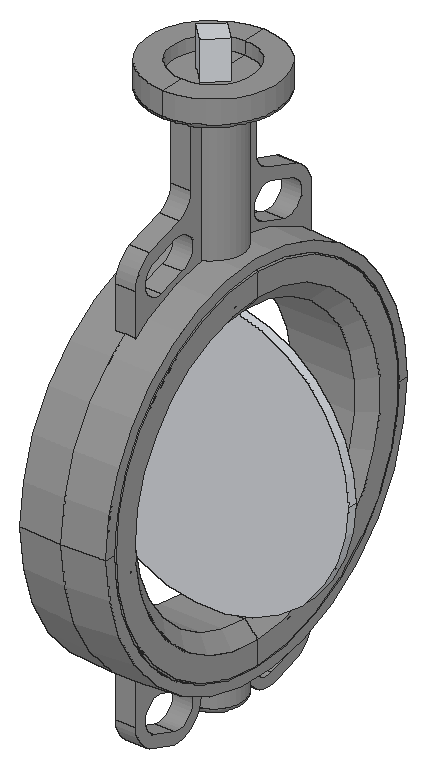
Revit family "Запорно-регулирующая заслонка ZF-4219", category Rohrzubehör, Revit 2018
Family settings
  Bemaßung runder Anschluss = Durchmesser verwenden
  Teiletyp = Unterbricht
  Arbeitsebenenbasiert = Nein
  Immer vertikal = Ja
  Beim Laden mit Abzugskörper schneiden = Nein
  Gemeinsam genutzt = Nein
Parameters
  Шпиндель = "Нержавеющая сталь ASTM-A276 / Type 316"  # constant formula
  Фланцевое соединение = "В соответствии с EN1092-2"  # constant formula
  Уплотнение корпуса = "EPDM в соответствии с ISO 1691"  # constant formula
  Среда = "Качество теплоносителя в соответствии с ÖNORM H5195 и/или предписаниями VDI 2035.\r\nРазрешается использование смеси этилен или пропиленгликоля в соотношении 25-50% с водой."
  Область применения = "Применяются в системах тепло- и холодоснабжения."
  Номер заказа [instance] = size_lookup("4219_ZF", "Artnr", 1421901, Nennweite)  # 1421927
  Макс. рабочая температура = 110 °C  # constant formula
  Крутящий момент в Нм [instance] = size_lookup("4219_ZF", "NM", 350, Nennweite)  # 150
  Корпус = "Чугун GG, GJS-250/JL1040, в соответствии с EN1561"  # constant formula
  Диск = "Нержавеющая сталь 1.4408"  # constant formula
  Вес [instance] = size_lookup("4219_ZF", "M", 37.6, Nennweite)  # 16.6
  URL = "www.herz-armaturen.ru"
  Болты PN16 [instance] = if(Nennweite = 50 mm, "4x M16x100", if(Nennweite = 65 mm, "4x M16x100", if(Nennweite = 80 mm, "8x M16x100", if(Nennweite = 100 mm, "8x M16x110", if(Nennweite = 125 mm, "8x M16x120", if(Nennweite = 150 mm, "8x M20x120", if(Nennweite = 200 mm, "12x M20x130", if(Nennweite = 250 mm, "12x M24x140", "12x M24x160"))))))))  # "12x M20x130"
  Болты PN 6 [instance] = if(Nennweite = 50 mm, "4x M12x100", if(Nennweite = 65 mm, "4x M12x100", if(Nennweite = 80 mm, "4x M16x100", if(Nennweite = 100 mm, "4x M16x100", if(Nennweite = 125 mm, "8x M16x110", if(Nennweite = 150 mm, "8x M16x110", if(Nennweite = 200 mm, "--", if(Nennweite = 250 mm, "12x M16x130", "12xM16x140"))))))))  # "--"
  Болты PN10 [instance] = if(Nennweite = 50 mm, "4x M16x100", if(Nennweite = 65 mm, "4x M16x100", if(Nennweite = 80 mm, "4x M16x100", if(Nennweite = 100 mm, "4x M16x110", if(Nennweite = 125 mm, "8x M16x120", if(Nennweite = 150 mm, "8x M20x120", if(Nennweite = 200 mm, "8x M20x130", if(Nennweite = 250 mm, "12x M20x130", "12x M20x150"))))))))  # "8x M20x130"
  SCTWSEQ = "FW;SBT_TYP_FW=\"101\";2"
  SCTWCODE = "04;07;02"  # constant formula
  SCRNSEQ = "ARM;ARM_TYP=\"ALLF\";2"
  SCRNCODE = "05;13;02"  # constant formula
  R_Dichtung = 1.5 mm  # constant formula
  PN16 [instance] = or(Nennweite = 50 mm, Nennweite = 65 mm, Nennweite = 80 mm, Nennweite = 100 mm, Nennweite = 125 mm, Nennweite = 150 mm, Nennweite = 200 mm, Nennweite = 250 mm, Nennweite = 300 mm)  # yes
  PN10 [instance] = or(Nennweite = 50 mm, Nennweite = 65 mm, Nennweite = 80 mm, Nennweite = 100 mm, Nennweite = 125 mm, Nennweite = 150 mm, Nennweite = 200 mm, Nennweite = 250 mm, Nennweite = 300 mm)  # yes
  PN 6 [instance] = or(Nennweite = 50 mm, Nennweite = 65 mm, Nennweite = 80 mm, Nennweite = 100 mm, Nennweite = 125 mm, Nennweite = 150 mm, Nennweite = 250 mm, Nennweite = 300 mm)  # no
  PN = 16  # constant formula
  O-Ring = "EPDM в соответствии с ISO 1691"  # constant formula
  Nennweite [instance] = 200 mm
  Мин. рабочая температура = "-20.00 °C при соответствующей водно-гликолевой смеси"  # constant formula
  LO1 [instance] = R05 + 10 mm  # 141 mm
  L16 [instance] = L01 - L13  # 236 mm
  L15 [instance] = L01 + L12  # 263 mm
  L14 [instance] = size_lookup("4219_ZF", "L_14", 44.4 mm, Nennweite)  # 61.5 mm
  L13 [instance] = size_lookup("4219_ZF", "L_13", 15 mm, Nennweite)  # 9 mm
  L12 [instance] = size_lookup("4219_ZF", "L_12", 15 mm, Nennweite)  # 18 mm
  L11 [instance] = size_lookup("4219_ZF", "L_11", 15 mm, Nennweite)  # 20 mm
  L10 [instance] = size_lookup("4219_ZF", "L_10", 16 mm, Nennweite)  # 16 mm
  L09 [instance] = size_lookup("4219_ZF", "L9", 29 mm, Nennweite)  # 44 mm
  L08 [instance] = size_lookup("4219_ZF", "L8", 43 mm, Nennweite)  # 60 mm
  L07 [instance] = size_lookup("4219_ZF", "L7", 3.5 mm, Nennweite)  # 4.5 mm
  L06 [instance] = size_lookup("4219_ZF", "L6", 18 mm, Nennweite)  # 32 mm
  L05 [instance] = size_lookup("4219_ZF", "L5", 35 mm, Nennweite)  # 50 mm
  L04 [instance] = size_lookup("4219_ZF", "L4", 35 mm, Nennweite)  # 17.5 mm
  L03 [instance] = size_lookup("4219_ZF", "L3", 35 mm, Nennweite)  # 152.5 mm
  L02 [instance] = size_lookup("4219_ZF", "L2", 35 mm, Nennweite)  # 109 mm
  L01 [instance] = size_lookup("4219_ZF", "L1", 35 mm, Nennweite)  # 245 mm
  Hersteller = "HERZ Armaturen Ges.m.b.H."  # constant formula
  H [instance] = size_lookup("4219_ZF", "H1", 9 mm, Nennweite)  # 17 mm
  DN300 [instance] = Nennweite = 300 mm  # no
  DN250 [instance] = Nennweite = 250 mm  # no
  DN200 [instance] = Nennweite = 200 mm  # yes
  DN150 [instance] = Nennweite = 150 mm  # no
  DN125 [instance] = Nennweite = 125 mm  # no
  DN100 [instance] = Nennweite = 100 mm  # no
  DN 80 [instance] = Nennweite = 80 mm  # no
  DN 65 [instance] = Nennweite = 65 mm  # no
  DN 50 [instance] = Nennweite = 50 mm  # no
  BD [instance] = size_lookup("4219_ZF", "DB", 24 mm, Nennweite)  # 193.6 mm
  D09 [instance] = size_lookup("4219_ZF", "D9", 24 mm, Nennweite)  # 96.5 mm
  D08 [instance] = size_lookup("4219_ZF", "D8", 47 mm, Nennweite)  # 14 mm
  D07 [instance] = size_lookup("4219_ZF", "D7", 47 mm, Nennweite)  # 27.5 mm
  D06 [instance] = size_lookup("4219_ZF", "D6", 47 mm, Nennweite)  # 44 mm
  R05 [instance] = size_lookup("4219_ZF", "D5", 47 mm, Nennweite)  # 131 mm
  D05 [instance] = R05 * 2  # 262 mm
  D04 [instance] = size_lookup("4219_ZF", "D4", 41 mm, Nennweite)  # 124 mm
  D03 [instance] = size_lookup("4219_ZF", "D3", 35.5 mm, Nennweite)  # 116.5 mm
  R01 [instance] = size_lookup("4219_ZF", "D1", 28 mm, Nennweite)  # 103.5 mm
  R02 [instance] = size_lookup("4219_ZF", "D2", 30 mm, Nennweite)  # 105.5 mm
Reference planes
  plane 1 "Mitte (Vorne/hinten)": y = 0
  plane 2: z = 0
  plane 3 "Mitte (Links/rechts)": x = 0
Forms (mm)
  Revolve 1, solid, material "Herz-Metall-blau", detail levels fine
    sketch origin (0, 0, 0) x (1, 0, 0) y (0, 1, 0)
      loop
        line (0, 132.724) -> (-30, 131) -> (-30, 124) -> (-22, 124) -> (-22, 116.5) -> (-23.5, 116.5)
        arc (-23.5, 116.5) -> (-24.561, 116.061) -> (-25, 115) r 1.5
        line (-25, 115) -> (-25, 105.824)
        arc (-25, 105.824) -> (-24.729, 104.964) -> (-24.013, 104.415) r 1.5
        line (-24.013, 104.415) -> (-20.5, 103.5) -> (-16, 103.5) -> (-16, 105.5) -> (16, 105.5) -> (16, 103.5) -> (20.5, 103.5) -> (24.013, 104.415)
        arc (24.013, 104.415) -> (24.729, 104.964) -> (25, 105.824) r 1.5
        line (25, 105.824) -> (25, 115)
        arc (25, 115) -> (24.561, 116.061) -> (23.5, 116.5) r 1.5
        line (23.5, 116.5) -> (22, 116.5) -> (22, 124) -> (30, 124) -> (30, 131) -> (0, 132.724)
      axis (30, 0) -> (-30, 0)
    angle from 0 to 360
  Extrusion 2, solid, material "Herz-Metall-blau", visible <- "DN 50", detail levels fine
    sketch origin (0, 0, 0) x (0, 1, 0) y (0, 0, 1)
      loop
        line (20, 54.051) -> (20.008, 111.113) -> (16.897, 110.952)
        arc (16.897, 110.952) -> (15.55, 110.331) -> (15, 108.954) r 2
        line (15, 108.954) -> (15, 44.542)
        arc (15, 44.542) -> (31.465, 34.913) -> (42.748, 19.534) r 47
        arc (42.748, 19.534) -> (42.633, 20.873) -> (43.392, 21.983) r 2
        line (43.392, 21.983) -> (54.714, 30.209)
        arc (54.714, 30.209) -> (56.569, 56.569) -> (30.209, 54.714) r 17.5
        line (30.209, 54.714) -> (27.87, 51.494)
        arc (27.87, 51.494) -> (23.006, 49.914) -> (20, 54.051) r 4.35
      loop
        arc (32.065, 41.998) -> (33.588, 33.588) -> (41.998, 32.065) r 7.5
        line (41.998, 32.065) -> (48.502, 35.17)
        arc (48.502, 35.17) -> (51.265, 51.265) -> (35.17, 48.502) r 10
        line (35.17, 48.502) -> (32.065, 41.998)
      loop
        arc (-20, 54.051) -> (-23.006, 49.914) -> (-27.87, 51.494) r 4.35
        line (-27.87, 51.494) -> (-30.209, 54.714)
        arc (-30.209, 54.714) -> (-56.569, 56.569) -> (-54.714, 30.209) r 17.5
        line (-54.714, 30.209) -> (-43.392, 21.983)
        arc (-43.392, 21.983) -> (-42.633, 20.873) -> (-42.748, 19.534) r 2
        arc (-42.748, 19.534) -> (-31.465, 34.913) -> (-15, 44.542) r 47
        line (-15, 44.542) -> (-15, 108.954)
        arc (-15, 108.954) -> (-15.55, 110.331) -> (-16.897, 110.952) r 2
        line (-16.897, 110.952) -> (-20.008, 111.113) -> (-20, 54.051)
      loop
        line (-32.065, 41.998) -> (-35.17, 48.502)
        arc (-35.17, 48.502) -> (-51.265, 51.265) -> (-48.502, 35.17) r 10
        line (-48.502, 35.17) -> (-41.998, 32.065)
        arc (-41.998, 32.065) -> (-33.588, 33.588) -> (-32.065, 41.998) r 7.5
      loop
        line (32.065, -41.998) -> (35.17, -48.502)
        arc (35.17, -48.502) -> (51.265, -51.265) -> (48.502, -35.17) r 10
        line (48.502, -35.17) -> (41.998, -32.065)
        arc (41.998, -32.065) -> (33.588, -33.588) -> (32.065, -41.998) r 7.5
      loop
        line (54.714, -30.209) -> (43.392, -21.983)
        arc (43.392, -21.983) -> (42.633, -20.873) -> (42.748, -19.534) r 2
        arc (42.748, -19.534) -> (33.234, -33.234) -> (19.534, -42.748) r 47
        arc (19.534, -42.748) -> (20.873, -42.633) -> (21.983, -43.392) r 2
        line (21.983, -43.392) -> (30.209, -54.714)
        arc (30.209, -54.714) -> (56.569, -56.569) -> (54.714, -30.209) r 17.5
      loop
        arc (-32.065, -41.998) -> (-33.588, -33.588) -> (-41.998, -32.065) r 7.5
        line (-41.998, -32.065) -> (-48.502, -35.17)
        arc (-48.502, -35.17) -> (-51.265, -51.265) -> (-35.17, -48.502) r 10
        line (-35.17, -48.502) -> (-32.065, -41.998)
      loop
        arc (-54.714, -30.209) -> (-56.569, -56.569) -> (-30.209, -54.714) r 17.5
        line (-30.209, -54.714) -> (-21.983, -43.392)
        arc (-21.983, -43.392) -> (-20.873, -42.633) -> (-19.534, -42.748) r 2
        arc (-19.534, -42.748) -> (-33.234, -33.234) -> (-42.748, -19.534) r 47
        arc (-42.748, -19.534) -> (-42.633, -20.873) -> (-43.392, -21.983) r 2
        line (-43.392, -21.983) -> (-54.714, -30.209)
    from -4.5 to 4.5
  Extrusion 3, solid, material "Herz-Metall-blau", visible <- "DN 65", detail levels fine
    sketch origin (0, 0, 0) x (0, 1, 0) y (0, 0, 1)
      loop
        arc (51.659, 21.619) -> (51.541, 22.778) -> (52.089, 23.805) r 2
        line (52.089, 23.805) -> (65.407, 37.123)
        arc (65.407, 37.123) -> (65.407, 65.407) -> (37.123, 65.407) r 20
        line (37.123, 65.407) -> (29.414, 57.699)
        arc (29.414, 57.699) -> (27.235, 57.265) -> (26, 59.113) r 2
        line (26, 59.113) -> (26, 136.154) -> (19.897, 135.838)
        arc (19.897, 135.838) -> (18.55, 135.218) -> (18, 133.841) r 2
        line (18, 133.841) -> (18, 53.028)
        arc (18, 53.028) -> (38.206, 40.942) -> (51.659, 21.619) r 56
      loop
        arc (55.637, 42.831) -> (57.983, 57.983) -> (42.831, 55.637) r 9.5
        line (42.831, 55.637) -> (39.647, 48.983)
        arc (39.647, 48.983) -> (41.012, 41.012) -> (48.983, 39.647) r 7
        line (48.983, 39.647) -> (55.637, 42.831)
      loop
        arc (51.659, -21.619) -> (39.598, -39.598) -> (21.619, -51.659) r 56
        arc (21.619, -51.659) -> (22.778, -51.541) -> (23.805, -52.089) r 2
        line (23.805, -52.089) -> (37.123, -65.407)
        arc (37.123, -65.407) -> (65.407, -65.407) -> (65.407, -37.123) r 20
        line (65.407, -37.123) -> (52.089, -23.805)
        arc (52.089, -23.805) -> (51.541, -22.778) -> (51.659, -21.619) r 2
      loop
        line (55.637, -42.831) -> (48.983, -39.647)
        arc (48.983, -39.647) -> (41.012, -41.012) -> (39.647, -48.983) r 7
        line (39.647, -48.983) -> (42.831, -55.637)
        arc (42.831, -55.637) -> (57.983, -57.983) -> (55.637, -42.831) r 9.5
      loop
        arc (-51.659, -21.619) -> (-51.541, -22.778) -> (-52.089, -23.805) r 2
        line (-52.089, -23.805) -> (-65.407, -37.123)
        arc (-65.407, -37.123) -> (-65.407, -65.407) -> (-37.123, -65.407) r 20
        line (-37.123, -65.407) -> (-23.805, -52.089)
        arc (-23.805, -52.089) -> (-22.778, -51.541) -> (-21.619, -51.659) r 2
        arc (-21.619, -51.659) -> (-39.598, -39.598) -> (-51.659, -21.619) r 56
      loop
        arc (-55.637, -42.831) -> (-57.983, -57.983) -> (-42.831, -55.637) r 9.5
        line (-42.831, -55.637) -> (-39.647, -48.983)
        arc (-39.647, -48.983) -> (-41.012, -41.012) -> (-48.983, -39.647) r 7
        line (-48.983, -39.647) -> (-55.637, -42.831)
      loop
        arc (-51.659, 21.619) -> (-38.206, 40.942) -> (-18, 53.028) r 56
        line (-18, 53.028) -> (-18, 133.838)
        arc (-18, 133.838) -> (-18.55, 135.215) -> (-19.897, 135.835) r 2
        line (-19.897, 135.835) -> (-26, 136.151) -> (-26, 59.113)
        arc (-26, 59.113) -> (-27.235, 57.265) -> (-29.414, 57.699) r 2
        line (-29.414, 57.699) -> (-37.123, 65.407)
        arc (-37.123, 65.407) -> (-65.407, 65.407) -> (-65.407, 37.123) r 20
        line (-65.407, 37.123) -> (-52.089, 23.805)
        arc (-52.089, 23.805) -> (-51.541, 22.778) -> (-51.659, 21.619) r 2
      loop
        line (-55.637, 42.831) -> (-48.983, 39.647)
        arc (-48.983, 39.647) -> (-41.012, 41.012) -> (-39.647, 48.983) r 7
        line (-39.647, 48.983) -> (-42.831, 55.637)
        arc (-42.831, 55.637) -> (-57.983, 57.983) -> (-55.637, 42.831) r 9.5
    from -4.5 to 4.5
  Extrusion 4, solid, material "Herz-Metall-blau", visible <- "DN 80", detail levels fine
    sketch origin (0, 0, 0) x (0, 1, 0) y (0, 0, 1)
      loop
        line (26, 143.161) -> (20.397, 142.871)
        arc (20.397, 142.871) -> (19.05, 142.251) -> (18.5, 140.874) r 2
        line (18.5, 140.874) -> (18.5, 62.833)
        arc (18.5, 62.833) -> (41.296, 50.842) -> (57.706, 30.989) r 65.5
        arc (57.706, 30.989) -> (57.482, 32.176) -> (57.983, 33.275) r 2
        line (57.983, 33.275) -> (67.23, 43.52)
        arc (67.23, 43.52) -> (70.328, 54.798) -> (65.407, 65.407) r 17
        line (65.407, 65.407) -> (42.005, 86.53)
        arc (42.005, 86.53) -> (37.832, 89.302) -> (33.031, 90.738) r 17
        arc (33.031, 90.738) -> (27.974, 93.895) -> (26, 99.52) r 9
        line (26, 99.52) -> (26, 143.161)
      loop
        circle (30.615, 73.91) r 9.5
      loop
        circle (53.387, 53.387) r 9.5
      loop
        arc (57.706, -30.989) -> (41.296, -50.842) -> (18.5, -62.833) r 65.5
        line (18.5, -62.833) -> (18.5, -85.837)
        arc (18.5, -85.837) -> (30.113, -90.903) -> (42.005, -86.53) r 17
        line (42.005, -86.53) -> (65.407, -65.407)
        arc (65.407, -65.407) -> (70.328, -54.798) -> (67.23, -43.52) r 17
        line (67.23, -43.52) -> (57.983, -33.275)
        arc (57.983, -33.275) -> (57.482, -32.176) -> (57.706, -30.989) r 2
      loop
        circle (30.615, -73.91) r 9.5
      loop
        circle (53.387, -53.387) r 9.5
      loop
        arc (-57.706, -30.989) -> (-57.482, -32.176) -> (-57.983, -33.275) r 2
        line (-57.983, -33.275) -> (-67.23, -43.52)
        arc (-67.23, -43.52) -> (-70.328, -54.798) -> (-65.407, -65.407) r 17
        line (-65.407, -65.407) -> (-42.005, -86.53)
        arc (-42.005, -86.53) -> (-30.113, -90.903) -> (-18.5, -85.837) r 17
        line (-18.5, -85.837) -> (-18.5, -62.833)
        arc (-18.5, -62.833) -> (-41.296, -50.842) -> (-57.706, -30.989) r 65.5
      loop
        circle (-30.615, -73.91) r 9.5
      loop
        circle (-53.387, -53.387) r 9.5
      loop
        line (-26, 143.179) -> (-26, 99.52)
        arc (-26, 99.52) -> (-27.974, 93.895) -> (-33.031, 90.738) r 9
        arc (-33.031, 90.738) -> (-37.832, 89.302) -> (-42.005, 86.53) r 17
        line (-42.005, 86.53) -> (-65.407, 65.407)
        arc (-65.407, 65.407) -> (-70.328, 54.798) -> (-67.23, 43.52) r 17
        line (-67.23, 43.52) -> (-57.983, 33.275)
        arc (-57.983, 33.275) -> (-57.482, 32.176) -> (-57.706, 30.989) r 2
        arc (-57.706, 30.989) -> (-41.296, 50.842) -> (-18.5, 62.833) r 65.5
        line (-18.5, 62.833) -> (-18.5, 140.891)
        arc (-18.5, 140.891) -> (-19.05, 142.268) -> (-20.397, 142.888) r 2
        line (-20.397, 142.888) -> (-26, 143.179)
      loop
        circle (-30.615, 73.91) r 9.5
      loop
        circle (-53.387, 53.387) r 9.5
    from -4.5 to 4.5
  Extrusion 5, solid, material "Herz-Metall-blau", visible <- "DN100", detail levels fine
    sketch origin (0, 0, 0) x (0, 1, 0) y (0, 0, 1)
      loop
        line (64.131, 38.887) -> (73.681, 49.873)
        arc (73.681, 49.873) -> (77.063, 61.29) -> (72.125, 72.125) r 17
        line (72.125, 72.125) -> (45.809, 95.79)
        arc (45.809, 95.79) -> (41.366, 98.675) -> (36.25, 100.053) r 17
        arc (36.25, 100.053) -> (28.882, 104.596) -> (26, 112.759) r 13
        line (26, 112.759) -> (26, 166.173) -> (20.397, 165.883)
        arc (20.397, 165.883) -> (19.05, 165.263) -> (18.5, 163.886) r 2
        line (18.5, 163.886) -> (18.5, 72.683)
        arc (18.5, 72.683) -> (44.637, 60.27) -> (64.131, 38.887) r 75
      loop
        circle (60.104, 60.104) r 9.5
      loop
        circle (34.442, 83.149) r 9.5
      loop
        arc (64.131, -38.887) -> (44.637, -60.27) -> (18.5, -72.683) r 75
        line (18.5, -72.683) -> (18.5, -95.329)
        arc (18.5, -95.329) -> (21.473, -95.603) -> (24.233, -96.743) r 10
        arc (24.233, -96.743) -> (35.191, -100.133) -> (45.809, -95.79) r 17
        line (45.809, -95.79) -> (72.125, -72.125)
        arc (72.125, -72.125) -> (77.063, -61.29) -> (73.681, -49.873) r 17
        line (73.681, -49.873) -> (64.131, -38.887)
      loop
        circle (60.104, -60.104) r 9.5
      loop
        circle (34.442, -83.149) r 9.5
      loop
        line (-64.131, -38.887) -> (-73.681, -49.873)
        arc (-73.681, -49.873) -> (-77.063, -61.29) -> (-72.125, -72.125) r 17
        line (-72.125, -72.125) -> (-45.809, -95.79)
        arc (-45.809, -95.79) -> (-35.191, -100.133) -> (-24.233, -96.743) r 17
        arc (-24.233, -96.743) -> (-21.473, -95.603) -> (-18.5, -95.329) r 10
        line (-18.5, -95.329) -> (-18.5, -72.683)
        arc (-18.5, -72.683) -> (-44.637, -60.27) -> (-64.131, -38.887) r 75
      loop
        circle (-60.104, -60.104) r 9.5
      loop
        circle (-34.442, -83.149) r 9.5
      loop
        arc (-64.131, 38.887) -> (-44.637, 60.27) -> (-18.5, 72.683) r 75
        line (-18.5, 72.683) -> (-18.5, 163.876)
        arc (-18.5, 163.876) -> (-19.05, 165.253) -> (-20.397, 165.873) r 2
        line (-20.397, 165.873) -> (-26, 166.164) -> (-26, 112.759)
        arc (-26, 112.759) -> (-28.882, 104.596) -> (-36.25, 100.053) r 13
        arc (-36.25, 100.053) -> (-41.366, 98.675) -> (-45.809, 95.79) r 17
        line (-45.809, 95.79) -> (-72.125, 72.125)
        arc (-72.125, 72.125) -> (-77.063, 61.29) -> (-73.681, 49.873) r 17
        line (-73.681, 49.873) -> (-64.131, 38.887)
      loop
        circle (-60.104, 60.104) r 9.5
      loop
        circle (-34.442, 83.149) r 9.5
    from -4.5 to 4.5
  Extrusion 6, solid, material "Herz-Metall-blau", visible <- "DN125", detail levels fine
    sketch origin (0, 0, 0) x (0, 1, 0) y (0, 0, 1)
      loop
        arc (75.229, 48.945) -> (74.917, 50.244) -> (75.492, 51.45) r 2
        line (75.492, 51.45) -> (82.731, 58.69)
        arc (82.731, 58.69) -> (87.711, 70.711) -> (82.731, 82.731) r 17
        line (82.731, 82.731) -> (51.291, 109.875)
        arc (51.291, 109.875) -> (46.108, 112.941) -> (40.182, 114.007) r 17
        line (40.182, 114.007) -> (38, 114.007)
        arc (38, 114.007) -> (29.515, 117.522) -> (26, 126.007) r 12
        line (26, 126.007) -> (26, 185.157) -> (20.397, 184.867)
        arc (20.397, 184.867) -> (19.05, 184.246) -> (18.5, 182.869) r 2
        line (18.5, 182.869) -> (18.5, 87.823)
        arc (18.5, 87.823) -> (50.736, 74.033) -> (75.229, 48.945) r 89.75
      loop
        circle (40.182, 97.007) r 9.5
      loop
        circle (70.711, 70.711) r 9.5
      loop
        arc (75.229, -48.945) -> (50.736, -74.033) -> (18.5, -87.823) r 89.75
        line (18.5, -87.823) -> (18.5, -108.431)
        arc (18.5, -108.431) -> (24.248, -107.655) -> (29.46, -110.2) r 10
        arc (29.46, -110.2) -> (40.434, -114.005) -> (51.291, -109.875) r 17
        line (51.291, -109.875) -> (82.731, -82.731)
        arc (82.731, -82.731) -> (87.711, -70.711) -> (82.731, -58.69) r 17
        line (82.731, -58.69) -> (75.492, -51.45)
        arc (75.492, -51.45) -> (74.917, -50.244) -> (75.229, -48.945) r 2
      loop
        circle (40.182, -97.007) r 9.5
      loop
        circle (70.711, -70.711) r 9.5
      loop
        arc (-75.229, -48.945) -> (-74.917, -50.244) -> (-75.492, -51.45) r 2
        line (-75.492, -51.45) -> (-82.731, -58.69)
        arc (-82.731, -58.69) -> (-87.711, -70.711) -> (-82.731, -82.731) r 17
        line (-82.731, -82.731) -> (-51.291, -109.875)
        arc (-51.291, -109.875) -> (-40.434, -114.005) -> (-29.46, -110.2) r 17
        arc (-29.46, -110.2) -> (-24.248, -107.655) -> (-18.5, -108.431) r 10
        line (-18.5, -108.431) -> (-18.5, -87.823)
        arc (-18.5, -87.823) -> (-50.736, -74.033) -> (-75.229, -48.945) r 89.75
      loop
        circle (-40.182, -97.007) r 9.5
      loop
        circle (-70.711, -70.711) r 9.5
      loop
        arc (-75.229, 48.945) -> (-50.736, 74.033) -> (-18.5, 87.823) r 89.75
        line (-18.5, 87.823) -> (-18.5, 182.852)
        arc (-18.5, 182.852) -> (-19.05, 184.23) -> (-20.397, 184.85) r 2
        line (-20.397, 184.85) -> (-26, 185.14) -> (-26, 126.007)
        arc (-26, 126.007) -> (-29.515, 117.522) -> (-38, 114.007) r 12
        line (-38, 114.007) -> (-40.182, 114.007)
        arc (-40.182, 114.007) -> (-46.108, 112.941) -> (-51.291, 109.875) r 17
        line (-51.291, 109.875) -> (-82.731, 82.731)
        arc (-82.731, 82.731) -> (-87.711, 70.711) -> (-82.731, 58.69) r 17
        line (-82.731, 58.69) -> (-75.492, 51.45)
        arc (-75.492, 51.45) -> (-74.917, 50.244) -> (-75.229, 48.945) r 2
      loop
        circle (-40.182, 97.007) r 9.5
      loop
        circle (-70.711, 70.711) r 9.5
    from -6 to 6
  Extrusion 7, solid, material "Herz-Metall-blau", visible <- "DN150", detail levels fine
    sketch origin (0, 0, 0) x (0, 1, 0) y (0, 0, 1)
      loop
        line (83.495, 59.454) -> (91.57, 67.529)
        arc (91.57, 67.529) -> (96.55, 79.55) -> (91.57, 91.57) r 17
        line (91.57, 91.57) -> (57.511, 123.304)
        arc (57.511, 123.304) -> (45.758, 127.865) -> (34.095, 123.077) r 17
        arc (34.095, 123.077) -> (28.976, 122.416) -> (26, 126.633) r 5
        line (26, 126.633) -> (26, 198.177) -> (20.397, 197.887)
        arc (20.397, 197.887) -> (19.05, 197.267) -> (18.5, 195.889) r 2
        line (18.5, 195.889) -> (18.5, 100.817)
        arc (18.5, 100.817) -> (55.032, 86.474) -> (83.495, 59.454) r 102.5
      loop
        circle (45.922, 110.866) r 11.5
      loop
        circle (79.55, 79.55) r 9.5
      loop
        circle (45.922, -110.866) r 11.5
      loop
        circle (79.55, -79.55) r 9.5
      loop
        line (91.57, -67.529) -> (83.495, -59.454)
        arc (83.495, -59.454) -> (55.032, -86.474) -> (18.5, -100.817) r 102.5
        line (18.5, -100.817) -> (18.5, -123.208)
        arc (18.5, -123.208) -> (19.363, -121.755) -> (21.03, -121.482) r 2
        line (21.03, -121.482) -> (42.642, -127.546)
        arc (42.642, -127.546) -> (50.587, -127.213) -> (57.511, -123.304) r 17
        line (57.511, -123.304) -> (91.57, -91.57)
        arc (91.57, -91.57) -> (96.55, -79.55) -> (91.57, -67.529) r 17
      loop
        arc (-83.495, 59.454) -> (-55.032, 86.474) -> (-18.5, 100.817) r 102.5
        line (-18.5, 100.817) -> (-18.5, 195.875)
        arc (-18.5, 195.875) -> (-19.05, 197.252) -> (-20.397, 197.872) r 2
        line (-20.397, 197.872) -> (-26, 198.163) -> (-26, 126.633)
        arc (-26, 126.633) -> (-28.976, 122.416) -> (-34.095, 123.077) r 5
        arc (-34.095, 123.077) -> (-45.758, 127.865) -> (-57.511, 123.304) r 17
        line (-57.511, 123.304) -> (-91.57, 91.57)
        arc (-91.57, 91.57) -> (-96.55, 79.55) -> (-91.57, 67.529) r 17
        line (-91.57, 67.529) -> (-83.495, 59.454)
      loop
        circle (-45.922, 110.866) r 11.5
      loop
        circle (-79.55, 79.55) r 9.5
      loop
        circle (-45.922, -110.866) r 11.5
      loop
        circle (-79.55, -79.55) r 9.5
      loop
        arc (-91.57, -67.529) -> (-96.55, -79.55) -> (-91.57, -91.57) r 17
        line (-91.57, -91.57) -> (-57.511, -123.304)
        arc (-57.511, -123.304) -> (-50.587, -127.213) -> (-42.642, -127.546) r 17
        line (-42.642, -127.546) -> (-21.03, -121.482)
        arc (-21.03, -121.482) -> (-19.363, -121.755) -> (-18.5, -123.208) r 2
        line (-18.5, -123.208) -> (-18.5, -100.817)
        arc (-18.5, -100.817) -> (-55.032, -86.474) -> (-83.495, -59.454) r 102.5
        line (-83.495, -59.454) -> (-91.57, -67.529)
    from -7 to 7
  Extrusion 8, solid, material "Herz-Metall-blau", visible <- "DN200", detail levels fine
    sketch origin (0, 0, 0) x (0, 1, 0) y (0, 0, 1)
      loop
        arc (42.048, 153.832) -> (26.654, 145.827) -> (35.349, 130.812) r 12
        line (35.349, 130.812) -> (53.31, 124.689)
        arc (53.31, 124.689) -> (67.804, 132.4) -> (61.038, 147.359) r 12
        line (61.038, 147.359) -> (42.048, 153.832)
      loop
        line (28, 226.273) -> (22.065, 226.047)
        arc (22.065, 226.047) -> (20.655, 225.469) -> (20, 224.092) r 2.114
        line (20, 224.092) -> (20, 129.471)
        arc (20, 129.471) -> (49.604, 121.273) -> (76.485, 106.406) r 130.989
        line (76.485, 106.406) -> (76.485, 136.265)
        arc (76.485, 136.265) -> (73.108, 147.391) -> (64.117, 154.764) r 20.019
        line (64.117, 154.764) -> (38.16, 163.592)
        arc (38.16, 163.592) -> (30.802, 169.06) -> (28, 177.79) r 15
        line (28, 177.79) -> (28, 226.273)
      loop
        line (42.048, -153.832) -> (61.038, -147.359)
        arc (61.038, -147.359) -> (67.804, -132.4) -> (53.31, -124.689) r 12
        line (53.31, -124.689) -> (35.349, -130.812)
        arc (35.349, -130.812) -> (26.654, -145.827) -> (42.048, -153.832) r 12
      loop
        arc (76.446, -106.382) -> (49.585, -121.253) -> (20, -129.464) r 131
        line (20, -129.464) -> (20, -141.835)
        arc (20, -141.835) -> (28.361, -158.099) -> (46.453, -160.765) r 20
        line (46.453, -160.765) -> (64.099, -154.75)
        arc (64.099, -154.75) -> (73.075, -147.384) -> (76.446, -136.272) r 20
        line (76.446, -136.272) -> (76.446, -106.382)
      loop
        arc (-42.048, -153.832) -> (-26.654, -145.827) -> (-35.349, -130.812) r 12
        line (-35.349, -130.812) -> (-53.31, -124.689)
        arc (-53.31, -124.689) -> (-67.804, -132.4) -> (-61.038, -147.359) r 12
        line (-61.038, -147.359) -> (-42.048, -153.832)
      loop
        line (-76.446, -106.382) -> (-76.446, -136.272)
        arc (-76.446, -136.272) -> (-73.075, -147.384) -> (-64.099, -154.75) r 20
        line (-64.099, -154.75) -> (-46.453, -160.765)
        arc (-46.453, -160.765) -> (-28.361, -158.099) -> (-20, -141.835) r 20
        line (-20, -141.835) -> (-20, -129.464)
        arc (-20, -129.464) -> (-49.585, -121.253) -> (-76.446, -106.382) r 131
      loop
        line (-42.048, 153.832) -> (-61.038, 147.359)
        arc (-61.038, 147.359) -> (-67.804, 132.4) -> (-53.31, 124.689) r 12
        line (-53.31, 124.689) -> (-35.349, 130.812)
        arc (-35.349, 130.812) -> (-26.654, 145.827) -> (-42.048, 153.832) r 12
      loop
        line (-28, 226.278) -> (-28, 177.79)
        arc (-28, 177.79) -> (-30.802, 169.06) -> (-38.16, 163.592) r 15
        line (-38.16, 163.592) -> (-64.117, 154.764)
        arc (-64.117, 154.764) -> (-73.108, 147.391) -> (-76.485, 136.265) r 20.019
        line (-76.485, 136.265) -> (-76.485, 106.406)
        arc (-76.485, 106.406) -> (-49.604, 121.273) -> (-20, 129.471) r 130.989
        line (-20, 129.471) -> (-20, 224.098)
        arc (-20, 224.098) -> (-20.655, 225.475) -> (-22.065, 226.053) r 2.114
        line (-22.065, 226.053) -> (-28, 226.278)
    from -7 to 7
  Extrusion 9, solid, material "Herz-Metall-blau", visible <- "DN250", detail levels fine
    sketch origin (0, 0, 0) x (0, 1, 0) y (0, 0, 1)
      loop
        arc (-95.9, 125.382) -> (-61.406, 145.382) -> (-23, 156.095) r 157.75
        line (-23, 156.095) -> (-23, 258.814)
        arc (-23, 258.814) -> (-23.588, 260.113) -> (-24.893, 260.69) r 2
        line (-24.893, 260.69) -> (-32, 261.058) -> (-32, 187.712)
        arc (-32, 187.712) -> (-33.507, 185.205) -> (-36.428, 185.359) r 2.84
        arc (-36.428, 185.359) -> (-43.951, 188.152) -> (-51.918, 187.184) r 17
        line (-51.918, 187.184) -> (-97.072, 155.872)
        arc (-97.072, 155.872) -> (-100.207, 149.167) -> (-100.195, 141.765) r 17
        line (-100.195, 141.765) -> (-95.9, 125.382)
      loop
        circle (-83.608, 145.492) r 9.5
      loop
        circle (-45.549, 171.269) r 14
      loop
        arc (96.192, -125.349) -> (61.575, -145.51) -> (23, -156.317) r 157.999
        line (23, -156.317) -> (23, -181.388) -> (27.217, -181.388)
        arc (27.217, -181.388) -> (30.142, -181.826) -> (32.812, -183.1) r 10
        line (32.812, -183.1) -> (36.428, -185.542)
        arc (36.428, -185.542) -> (44.468, -188.388) -> (52.878, -186.972) r 17
        line (52.878, -186.972) -> (97.463, -155.872)
        arc (97.463, -155.872) -> (100.598, -149.167) -> (100.586, -141.765) r 17
        line (100.586, -141.765) -> (96.192, -125.349)
      loop
        circle (84, -145.492) r 9.5
      loop
        circle (45.94, -171.452) r 14
      loop
        line (-96.192, -125.349) -> (-100.586, -141.765)
        arc (-100.586, -141.765) -> (-100.598, -149.167) -> (-97.463, -155.872) r 17
        line (-97.463, -155.872) -> (-52.878, -186.972)
        arc (-52.878, -186.972) -> (-44.468, -188.388) -> (-36.428, -185.542) r 17
        line (-36.428, -185.542) -> (-32.812, -183.1)
        arc (-32.812, -183.1) -> (-30.142, -181.826) -> (-27.217, -181.388) r 10
        line (-27.217, -181.388) -> (-23, -181.388) -> (-23, -156.317)
        arc (-23, -156.317) -> (-61.575, -145.51) -> (-96.192, -125.349) r 157.999
      loop
        circle (-84, -145.492) r 9.5
      loop
        circle (-45.94, -171.452) r 14
      loop
        line (95.9, 125.2) -> (100.195, 141.582)
        arc (100.195, 141.582) -> (100.207, 148.984) -> (97.072, 155.689) r 17
        line (97.072, 155.689) -> (51.919, 187.036)
        arc (51.919, 187.036) -> (43.952, 188.006) -> (36.428, 185.212) r 17
        arc (36.428, 185.212) -> (33.507, 185.058) -> (32, 187.566) r 2.84
        line (32, 187.566) -> (32, 261.045) -> (24.893, 260.677)
        arc (24.893, 260.677) -> (23.588, 260.1) -> (23, 258.801) r 2
        line (23, 258.801) -> (23, 155.948)
        arc (23, 155.948) -> (61.411, 145.223) -> (95.9, 125.2) r 157.605
      loop
        circle (83.608, 145.31) r 9.5
      loop
        circle (45.549, 171.122) r 14
    from -9 to 9
  Extrusion 10, solid, material "Herz-Metall-blau", visible <- "DN300", detail levels fine
    sketch origin (0, 0, 0) x (0, 1, 0) y (0, 0, 1)
      loop
        arc (62.57, 187.834) -> (56.268, 211.23) -> (39.112, 194.12) r 14
        line (39.112, 194.12) -> (40.223, 189.928)
        arc (40.223, 189.928) -> (48.374, 181.769) -> (59.504, 184.767) r 11.5
        line (59.504, 184.767) -> (62.57, 187.834)
      loop
        circle (98.337, 170.892) r 12
      loop
        arc (113.094, 162.454) -> (114.748, 175.326) -> (106.837, 185.615) r 17
        line (106.837, 185.615) -> (61.701, 211.919)
        arc (61.701, 211.919) -> (54.44, 214.463) -> (46.806, 213.516) r 16.852
        arc (46.806, 213.516) -> (36.904, 213.681) -> (32, 222.285) r 10
        line (32, 222.285) -> (32, 286.38) -> (24.895, 286.033)
        arc (24.895, 286.033) -> (23.576, 285.442) -> (23, 284.117) r 2
        line (23, 284.117) -> (23, 181.202)
        arc (23, 181.202) -> (65.613, 170.505) -> (104.437, 149.94) r 182.63
        line (104.437, 149.94) -> (113.094, 162.454)
      loop
        line (62.984, -188.142) -> (59.917, -185.075)
        arc (59.917, -185.075) -> (48.787, -182.077) -> (40.637, -190.235) r 11.5
        line (40.637, -190.235) -> (39.525, -194.427)
        arc (39.525, -194.427) -> (56.681, -211.538) -> (62.984, -188.142) r 14
      loop
        circle (98.75, -171.04) r 12
      loop
        line (113.508, -162.601) -> (104.75, -150.055)
        arc (104.75, -150.055) -> (65.787, -170.766) -> (23, -181.549) r 183
        line (23, -181.549) -> (23, -206.327)
        arc (23, -206.327) -> (24.157, -204.218) -> (26.558, -204.062) r 2.5
        line (26.558, -204.062) -> (45.918, -213.443)
        arc (45.918, -213.443) -> (53.906, -214.994) -> (61.701, -212.654) r 17
        line (61.701, -212.654) -> (107.25, -185.762)
        arc (107.25, -185.762) -> (115.162, -175.474) -> (113.508, -162.601) r 17
      loop
        arc (-62.984, -188.142) -> (-56.681, -211.538) -> (-39.525, -194.427) r 14
        line (-39.525, -194.427) -> (-40.637, -190.235)
        arc (-40.637, -190.235) -> (-48.787, -182.077) -> (-59.917, -185.075) r 11.5
        line (-59.917, -185.075) -> (-62.984, -188.142)
      loop
        circle (-98.75, -171.04) r 12
      loop
        arc (-113.508, -162.601) -> (-115.162, -175.474) -> (-107.25, -185.762) r 17
        line (-107.25, -185.762) -> (-61.701, -212.654)
        arc (-61.701, -212.654) -> (-53.906, -214.994) -> (-45.918, -213.443) r 17
        line (-45.918, -213.443) -> (-26.558, -204.062)
        arc (-26.558, -204.062) -> (-24.157, -204.218) -> (-23, -206.327) r 2.5
        line (-23, -206.327) -> (-23, -181.549)
        arc (-23, -181.549) -> (-65.787, -170.766) -> (-104.75, -150.055) r 183
        line (-104.75, -150.055) -> (-113.508, -162.601)
      loop
        line (-62.574, 188.142) -> (-59.508, 185.075)
        arc (-59.508, 185.075) -> (-48.378, 182.077) -> (-40.227, 190.235) r 11.5
        line (-40.227, 190.235) -> (-39.116, 194.427)
        arc (-39.116, 194.427) -> (-56.272, 211.538) -> (-62.574, 188.142) r 14
      loop
        circle (-98.34, 171.04) r 12
      loop
        line (-113.098, 162.601) -> (-104.44, 150.087)
        arc (-104.44, 150.087) -> (-65.611, 170.637) -> (-23, 181.326) r 182.753
        line (-23, 181.326) -> (-23, 284.115)
        arc (-23, 284.115) -> (-23.577, 285.441) -> (-24.896, 286.032) r 2
        line (-24.896, 286.032) -> (-32, 286.379) -> (-32, 222.593)
        arc (-32, 222.593) -> (-37.217, 213.811) -> (-47.425, 214.193) r 10
        arc (-47.425, 214.193) -> (-54.523, 214.911) -> (-61.291, 212.654) r 17
        line (-61.291, 212.654) -> (-106.84, 185.762)
        arc (-106.84, 185.762) -> (-114.752, 175.474) -> (-113.098, 162.601) r 17
    from -9 to 9
  Revolve 11, solid, material "Herz-Metall-blau"
    sketch origin (0, 0, 0) x (0, 1, 0) y (0, 0, 1)
      loop
        line (0, -131) -> (0, -152.5) -> (17, -152.5)
        arc (17, -152.5) -> (19.121, -151.621) -> (20, -149.5) r 3
        line (20, -149.5) -> (20, -129.464)
        arc (20, -129.464) -> (10.029, -130.616) -> (0, -131) r 131
      axis (0, -129.464) -> (0, -152.5)
    angle from 0 to 360
  Revolve 12, solid, material "Herz-Metall-blau"
    sketch origin (0, 0, 0) x (0, 1, 0) y (0, 0, 1)
      loop
        line (0, 236) -> (0, 131)
        arc (0, 131) -> (10.029, 130.616) -> (20, 129.464) r 131
        line (20, 129.464) -> (20, 223.944)
        arc (20, 223.944) -> (20.549, 225.32) -> (21.895, 225.941) r 2
        line (21.895, 225.941) -> (42.105, 227)
        arc (42.105, 227) -> (43.451, 227.621) -> (44, 228.997) r 2
        line (44, 228.997) -> (44, 245) -> (27.5, 245) -> (27.5, 236) -> (0, 236)
      axis (0, 245) -> (0, 129.464)
    angle from 0 to 360
  Revolve 13, solid, material "Gummi"
    sketch origin (0, 0, 0) x (1, 0, 0) y (0, 0, 1)
      loop
        arc (-29.258, 124) -> (-30.313, 123.563) -> (-30.75, 122.508) r 1.492
        line (-30.75, 122.508) -> (-30.75, 105.718) -> (-22, 96.5) -> (22, 96.5) -> (30.75, 106.945) -> (30.75, 123)
        arc (30.75, 123) -> (30.457, 123.707) -> (29.75, 124) r 1
        line (29.75, 124) -> (22, 124) -> (22, 116.5) -> (23.5, 116.5)
        arc (23.5, 116.5) -> (24.561, 116.061) -> (25, 115) r 1.5
        line (25, 115) -> (25, 105.988)
        arc (25, 105.988) -> (24.622, 104.993) -> (23.68, 104.499) r 1.5
        line (23.68, 104.499) -> (20.5, 103.5) -> (16.527, 103.5) -> (16.527, 105.5) -> (-15.473, 105.5) -> (-15.473, 103.5) -> (-20.5, 103.5) -> (-23.68, 104.499)
        arc (-23.68, 104.499) -> (-24.622, 104.993) -> (-25, 105.988) r 1.5
        line (-25, 105.988) -> (-25, 115)
        arc (-25, 115) -> (-24.561, 116.061) -> (-23.5, 116.5) r 1.5
        line (-23.5, 116.5) -> (-22, 116.5) -> (-22, 124) -> (-29.258, 124)
      axis (-30.75, 0) -> (30.75, 0)
    angle from 0 to 360
  Extrusion 14, solid, detail levels fine
    sketch origin (0, 0, 0) x (1, 0, 0) y (0, 0, 1)
      loop
        circle (0, 0) r 96.8
    from -3 to 3
  Extrusion 15, solid, detail levels fine
    sketch origin (0, 0, 0) x (1, 0, 0) y (0, 1, 0)
      loop
        line (0, 12.021) -> (-12.021, 0) -> (0, -12.021) -> (12.021, 0) -> (0, 12.021)
    from 236 <- "L16" to 263 <- "L15"
Lines and regions (mm)
  model lines, detail levels coarse+medium
    curve 1: line (-30, 131, 0) -> (30, 131, 0)
    curve 2: line (-30, -131, 0) -> (-30, 131, 0)
    curve 3: line (30, -131, 0) -> (-30, -131, 0)
    curve 4: line (30, 131, 0) -> (30, -131, 0)
    curve 5: line (-30, 131, 0) -> (30, -131, 0)
    curve 6: circle (0, 0, 0) r 5 normal (0, 0, 1)
    curve 7: line (-30, 0, 131) -> (30, 0, 131)
    curve 8: line (-30, 0, -131) -> (-30, 0, 131)
    curve 9: line (30, 0, -131) -> (-30, 0, -131)
    curve 10: line (30, 0, 131) -> (30, 0, -131)
    curve 11: line (-30, 0, 131) -> (30, 0, -131)
    curve 12: circle (0, 0, 0) r 7 normal (0, -1, 0)
Dimensions and locks
  "L08": Revolve 1 sketch curve to Revolve 1 sketch curve
  equal spacing: Revolve 1 sketch curve, plane 3 "Mitte (Links/rechts)", Revolve 1 sketch curve  (x4)
  "L07": Revolve 1 sketch curve to Revolve 1 sketch curve  (x2)
  "L06": Revolve 1 sketch curve to Revolve 1 sketch curve
  "L05": Revolve 1 sketch curve to Revolve 1 sketch curve
  "L09": Revolve 1 sketch curve to Revolve 1 sketch curve
  "R05": plane 1 "Mitte (Vorne/hinten)" to Revolve 1 sketch curve  (x2)
  "D04": plane 1 "Mitte (Vorne/hinten)" to Revolve 1 sketch curve  (x2)
  "D03": plane 1 "Mitte (Vorne/hinten)" to Revolve 1 sketch curve  (x2)
  "R01": plane 1 "Mitte (Vorne/hinten)" to Revolve 1 sketch curve  (x2)
  "R02": plane 1 "Mitte (Vorne/hinten)" to Revolve 1 sketch curve
  equal spacing: curve 2, plane 3 "Mitte (Links/rechts)", curve 4
  equal spacing: curve 3, plane 1 "Mitte (Vorne/hinten)", curve 1
  "L08": curve 2 to curve 4
  "D05": curve 3 to curve 1
  equal spacing: curve 10, plane 3 "Mitte (Links/rechts)", curve 8
  equal spacing: curve 7, level, curve 9
  "D05": curve 7 to curve 9
  "L08": curve 8 to curve 10
  "L11": Revolve 11 sketch curve to plane 1 "Mitte (Vorne/hinten)"
  "L03": level to Revolve 11 sketch curve
  "R05": level to Revolve 11 sketch curve
  "R05": Revolve 12 sketch curve to curve 2
  "L11": Revolve 12 sketch curve to plane 1 "Mitte (Vorne/hinten)"
  "L01": Revolve 12 sketch curve to level
  "L12": Revolve 12 sketch curve to Revolve 12 sketch curve
  "L13": Revolve 12 sketch curve to Revolve 12 sketch curve
  "D07": Revolve 12 sketch curve to Revolve 12 sketch curve
  "D06": Revolve 12 sketch curve to Revolve 12 sketch curve
  Extrusion 10 sketch curve to plane 1 "Mitte (Vorne/hinten)" to Extrusion 10 sketch curve = 23 mm, 23 mm
  equal spacing: Extrusion 10 sketch curve, plane 1 "Mitte (Vorne/hinten)", Extrusion 10 sketch curve
  Extrusion 10 sketch curve to Extrusion 10 sketch curve = 64 mm
  Extrusion 9 sketch curve to plane 1 "Mitte (Vorne/hinten)" to Extrusion 9 sketch curve = 23 mm, 23 mm
  Extrusion 9 sketch curve to plane 1 "Mitte (Vorne/hinten)" to Extrusion 9 sketch curve = 32 mm, 32 mm
  Extrusion 8 sketch curve to Extrusion 8 sketch curve = 56 mm
  equal spacing: Extrusion 8 sketch curve, plane 1 "Mitte (Vorne/hinten)", Extrusion 8 sketch curve
  Extrusion 8 sketch curve to plane 1 "Mitte (Vorne/hinten)" to Extrusion 8 sketch curve = 20 mm, 20 mm
  equal spacing: Extrusion 7 sketch curve, plane 1 "Mitte (Vorne/hinten)", Extrusion 7 sketch curve
  Extrusion 7 sketch curve to Extrusion 7 sketch curve = 52 mm
  equal spacing: Extrusion 6 sketch curve, plane 1 "Mitte (Vorne/hinten)", Extrusion 6 sketch curve
  "R02": Revolve 13 sketch curve to curve 3
  "D04": Revolve 13 sketch curve to level  (x2)
  "L14": Revolve 13 sketch curve to Revolve 13 sketch curve
  "D09": Revolve 13 sketch curve to level
  "D03": Revolve 13 sketch curve to level  (x2)
  "R01": Revolve 13 sketch curve to level  (x2)
  "L09": Revolve 13 sketch curve to Revolve 13 sketch curve  (x2)
  "L06": Revolve 13 sketch curve to Revolve 13 sketch curve
  "L05": Revolve 13 sketch curve to Revolve 13 sketch curve
  equal spacing: Revolve 13 sketch curve, plane 3 "Mitte (Links/rechts)", Revolve 13 sketch curve  (x4)
  "L07": Revolve 13 sketch curve to Revolve 13 sketch curve  (x2)
  equal spacing: Extrusion 15 sketch curve, plane 3 "Mitte (Links/rechts)", Extrusion 15 sketch curve  (x2)
  "H": Extrusion 15 sketch curve to Extrusion 15 sketch curve  (x2)
  "L11": nested 1 to plane 3 "Mitte (Links/rechts)"
  "LO1": plane 2 to nested 1
  "R05": radius of Revolve 11 sketch curve
  "R05": radius of Revolve 12 sketch curve
  "R_Dichtung": radius of Revolve 13 sketch curve  (x4)
  "BD": diameter of Extrusion 14 sketch curve
  angle Revolve 1 sketch curve to Revolve 1 sketch curve = 93.2891°  (x2)
  angle Revolve 12 sketch curve to Revolve 12 sketch curve = 93.00°
  angle plane 3 "Mitte (Links/rechts)" to Extrusion 15 sketch curve = 45.00°
  angle Extrusion 15 sketch curve to plane 3 "Mitte (Links/rechts)" = 45.00°
  aligned and locked: level to plane 2
Automatic sketch dimensions
  Extrusion 2 sketch curve to Extrusion 2 sketch curve = 0 mm  (x28)
  Extrusion 2 sketch curve to level = 0 mm
  Extrusion 2 sketch curve to plane 1 "Mitte (Vorne/hinten)" = 0 mm
  plane 1 "Mitte (Vorne/hinten)" to Extrusion 2 sketch curve = 15 mm
  Extrusion 2 sketch curve to Extrusion 2 sketch curve = 1.897 mm  (x2)
  Extrusion 2 sketch curve to Extrusion 2 sketch curve = 0.103 mm  (x2)
  Extrusion 2 sketch curve to Extrusion 2 sketch curve = 5 mm  (x2)
  Extrusion 2 sketch curve to Extrusion 2 sketch curve = 3.111 mm  (x2)
  plane 1 "Mitte (Vorne/hinten)" to Extrusion 2 sketch curve = 20.365 mm
  Extrusion 2 sketch curve to Extrusion 2 sketch curve = 1.618 mm  (x6)
  Extrusion 2 sketch curve to Extrusion 2 sketch curve = 4.35 mm  (x2)
  Extrusion 2 sketch curve to Extrusion 2 sketch curve = 3.519 mm  (x2)
  Extrusion 2 sketch curve to Extrusion 2 sketch curve = 2.34 mm  (x2)
  Extrusion 2 sketch curve to Extrusion 2 sketch curve = 8.226 mm  (x6)
  Extrusion 2 sketch curve to Extrusion 2 sketch curve = 10.081 mm  (x6)
  Extrusion 2 sketch curve to Extrusion 2 sketch curve = 4.195 mm  (x2)
  Extrusion 2 sketch curve to Extrusion 2 sketch curve = 3.105 mm  (x8)
  Extrusion 2 sketch curve to Extrusion 2 sketch curve = 6.826 mm  (x8)
  Extrusion 2 sketch curve to Extrusion 2 sketch curve = 3.107 mm  (x4)
  Extrusion 2 sketch curve to Extrusion 2 sketch curve = 1.394 mm  (x6)
  Extrusion 2 sketch curve to Extrusion 2 sketch curve = 5.303 mm  (x8)
  Extrusion 2 sketch curve to Extrusion 2 sketch curve = 1.176 mm  (x6)
  Extrusion 2 sketch curve to Extrusion 2 sketch curve = 6.505 mm  (x4)
  Extrusion 2 sketch curve to Extrusion 2 sketch curve = 6.212 mm  (x4)
  Extrusion 2 sketch curve to plane 1 "Mitte (Vorne/hinten)" = 15 mm
  Extrusion 2 sketch curve to plane 1 "Mitte (Vorne/hinten)" = 20.365 mm
  Extrusion 2 sketch curve to level = 20.365 mm  (x2)
  level to Extrusion 2 sketch curve = 20.365 mm  (x2)
  Extrusion 2 sketch curve to Extrusion 2 sketch curve = 2.545 mm  (x2)
  Extrusion 2 sketch curve to Extrusion 2 sketch curve = 3.22 mm  (x2)
  Extrusion 2 sketch curve to Extrusion 2 sketch curve = 2.557 mm  (x2)
  Extrusion 2 sketch curve to Extrusion 2 sketch curve = 54.903 mm
  Extrusion 2 sketch curve to Extrusion 2 sketch curve = 0.161 mm  (x2)
  Extrusion 2 sketch curve to Extrusion 2 sketch curve = 0.831 mm  (x2)
  Extrusion 2 sketch curve to Extrusion 2 sketch curve = 1.819 mm  (x2)
  Extrusion 10 sketch curve to Extrusion 10 sketch curve = 0 mm  (x23)
  Extrusion 10 sketch curve to level = 0 mm
  Extrusion 10 sketch curve to plane 1 "Mitte (Vorne/hinten)" = 0 mm
  Extrusion 10 sketch curve to Extrusion 10 sketch curve = 1.896 mm
  Extrusion 10 sketch curve to Extrusion 10 sketch curve = 1.998 mm
  plane 1 "Mitte (Vorne/hinten)" to Extrusion 10 sketch curve = 25.5 mm
  Extrusion 10 sketch curve to Extrusion 10 sketch curve = 1.058 mm  (x2)
  Extrusion 10 sketch curve to Extrusion 10 sketch curve = 16.116 mm
  Extrusion 10 sketch curve to Extrusion 10 sketch curve = 12.968 mm
  Extrusion 10 sketch curve to Extrusion 10 sketch curve = 10 mm  (x2)
  Extrusion 10 sketch curve to Extrusion 10 sketch curve = 6.393 mm  (x2)
  Extrusion 10 sketch curve to Extrusion 10 sketch curve = 12.239 mm  (x4)
  Extrusion 10 sketch curve to Extrusion 10 sketch curve = 1.294 mm  (x4)
  Extrusion 10 sketch curve to Extrusion 10 sketch curve = 8.643 mm
  Extrusion 10 sketch curve to Extrusion 10 sketch curve = 15.783 mm  (x2)
  Extrusion 10 sketch curve to Extrusion 10 sketch curve = 11.22 mm  (x3)
  Extrusion 10 sketch curve to Extrusion 10 sketch curve = 35.766 mm  (x3)
  Extrusion 10 sketch curve to Extrusion 10 sketch curve = 6 mm  (x2)
  Extrusion 10 sketch curve to Extrusion 10 sketch curve = 6.1 mm
  Extrusion 10 sketch curve to Extrusion 10 sketch curve = 8.5 mm  (x4)
  Extrusion 10 sketch curve to Extrusion 10 sketch curve = 8.658 mm
  Extrusion 10 sketch curve to Extrusion 10 sketch curve = 8.758 mm  (x2)
  Extrusion 10 sketch curve to Extrusion 10 sketch curve = 16.525 mm
  level to Extrusion 10 sketch curve = 0.006 mm  (x2)
  plane 1 "Mitte (Vorne/hinten)" to Extrusion 10 sketch curve = 0.16 mm
  Extrusion 10 sketch curve to plane 1 "Mitte (Vorne/hinten)" = 0.161 mm
  Extrusion 10 sketch curve to plane 1 "Mitte (Vorne/hinten)" = 23 mm
  Extrusion 10 sketch curve to Extrusion 10 sketch curve = 1.895 mm
  Extrusion 10 sketch curve to Extrusion 10 sketch curve = 0.103 mm
  Extrusion 10 sketch curve to Extrusion 10 sketch curve = 2.5 mm
  Extrusion 10 sketch curve to Extrusion 10 sketch curve = 14.025 mm
  Extrusion 10 sketch curve to Extrusion 10 sketch curve = 16.112 mm
  Extrusion 10 sketch curve to Extrusion 10 sketch curve = 46.986 mm
  Extrusion 10 sketch curve to Extrusion 10 sketch curve = 6.101 mm
  Extrusion 10 sketch curve to Extrusion 10 sketch curve = 8.657 mm
  Extrusion 10 sketch curve to level = 150.055 mm
  Extrusion 10 sketch curve to Extrusion 10 sketch curve = 31.494 mm
  Extrusion 10 sketch curve to Extrusion 10 sketch curve = 12.546 mm  (x2)
  Extrusion 10 sketch curve to Extrusion 10 sketch curve = 8.439 mm  (x4)
  Extrusion 10 sketch curve to Extrusion 10 sketch curve = 17.102 mm  (x3)
  Extrusion 10 sketch curve to Extrusion 10 sketch curve = 5.043 mm  (x3)
  Extrusion 10 sketch curve to Extrusion 10 sketch curve = 1.242 mm  (x4)
  Extrusion 10 sketch curve to Extrusion 10 sketch curve = 9.634 mm
  Extrusion 10 sketch curve to Extrusion 10 sketch curve = 2.265 mm
  Extrusion 10 sketch curve to Extrusion 10 sketch curve = 11.9 mm
  Extrusion 10 sketch curve to Extrusion 10 sketch curve = 14.639 mm  (x3)
  level to Extrusion 10 sketch curve = 150.087 mm
  Extrusion 10 sketch curve to Extrusion 10 sketch curve = 31.386 mm
  Extrusion 10 sketch curve to Extrusion 10 sketch curve = 12.514 mm  (x2)
  Extrusion 10 sketch curve to Extrusion 10 sketch curve = 11.675 mm
  Extrusion 10 sketch curve to Extrusion 10 sketch curve = 4.83 mm
  Extrusion 10 sketch curve to Extrusion 10 sketch curve = 24.578 mm
  Extrusion 10 sketch curve to Extrusion 10 sketch curve = 9.939 mm
  Extrusion 10 sketch curve to Extrusion 10 sketch curve = 61.442 mm
  Extrusion 10 sketch curve to Extrusion 10 sketch curve = 0.001 mm
  Extrusion 10 sketch curve to Extrusion 10 sketch curve = 0.081 mm  (x2)
  Extrusion 10 sketch curve to Extrusion 10 sketch curve = 0.347 mm  (x2)
  Extrusion 10 sketch curve to Extrusion 10 sketch curve = 1.111 mm  (x4)
  Extrusion 10 sketch curve to Extrusion 10 sketch curve = 0.011 mm  (x4)
  Extrusion 10 sketch curve to Extrusion 10 sketch curve = 3.067 mm  (x3)
  Extrusion 10 sketch curve to Extrusion 10 sketch curve = 0.008 mm  (x8)
  Extrusion 10 sketch curve to Extrusion 10 sketch curve = 4.806 mm
  Extrusion 10 sketch curve to Extrusion 10 sketch curve = 8.153 mm
  Extrusion 10 sketch curve to Extrusion 10 sketch curve = 14.895 mm
  Extrusion 10 sketch curve to Extrusion 10 sketch curve = 3.058 mm
  Extrusion 10 sketch curve to Extrusion 10 sketch curve = 3.075 mm  (x4)
  Extrusion 10 sketch curve to Extrusion 10 sketch curve = 0.003 mm  (x4)
  Extrusion 9 sketch curve to Extrusion 9 sketch curve = 0 mm  (x14)
  Extrusion 9 sketch curve to Extrusion 9 sketch curve = 1.893 mm  (x2)
  Extrusion 9 sketch curve to Extrusion 9 sketch curve = 0.103 mm  (x2)
  plane 1 "Mitte (Vorne/hinten)" to Extrusion 9 sketch curve = 27.217 mm
  Extrusion 9 sketch curve to Extrusion 9 sketch curve = 5.595 mm  (x2)
  Extrusion 9 sketch curve to Extrusion 9 sketch curve = 2.84 mm  (x2)
  Extrusion 9 sketch curve to Extrusion 9 sketch curve = 3.617 mm  (x2)
  Extrusion 9 sketch curve to Extrusion 9 sketch curve = 9.512 mm  (x2)
  Extrusion 9 sketch curve to Extrusion 9 sketch curve = 11.101 mm
  Extrusion 9 sketch curve to Extrusion 9 sketch curve = 6.369 mm
  Extrusion 9 sketch curve to Extrusion 9 sketch curve = 16.45 mm  (x2)
  Extrusion 9 sketch curve to Extrusion 9 sketch curve = 38.06 mm  (x3)
  Extrusion 9 sketch curve to Extrusion 9 sketch curve = 12.192 mm  (x2)
  Extrusion 9 sketch curve to Extrusion 9 sketch curve = 12.292 mm  (x2)
  Extrusion 9 sketch curve to Extrusion 9 sketch curve = 13.463 mm  (x4)
  Extrusion 9 sketch curve to Extrusion 9 sketch curve = 3.123 mm  (x4)
  Extrusion 9 sketch curve to Extrusion 9 sketch curve = 4.217 mm  (x2)
  level to Extrusion 9 sketch curve = 0.007 mm  (x2)
  plane 1 "Mitte (Vorne/hinten)" to Extrusion 9 sketch curve = 0.16 mm
  Extrusion 9 sketch curve to level = 0 mm  (x2)
  plane 1 "Mitte (Vorne/hinten)" to Extrusion 9 sketch curve = 0.008 mm
  Extrusion 9 sketch curve to plane 1 "Mitte (Vorne/hinten)" = 0.008 mm
  Extrusion 9 sketch curve to Extrusion 9 sketch curve = 0.153 mm
  Extrusion 9 sketch curve to plane 1 "Mitte (Vorne/hinten)" = 23 mm
  Extrusion 9 sketch curve to Extrusion 9 sketch curve = 10.709 mm
  Extrusion 9 sketch curve to Extrusion 9 sketch curve = 5.979 mm
  Extrusion 9 sketch curve to Extrusion 9 sketch curve = 37.668 mm
  Extrusion 9 sketch curve to level = 125.349 mm
  Extrusion 9 sketch curve to Extrusion 9 sketch curve = 30.969 mm
  Extrusion 9 sketch curve to Extrusion 9 sketch curve = 16.416 mm  (x2)
  Extrusion 9 sketch curve to Extrusion 9 sketch curve = 3.728 mm  (x4)
  Extrusion 9 sketch curve to Extrusion 9 sketch curve = 15.134 mm  (x2)
  Extrusion 9 sketch curve to Extrusion 9 sketch curve = 9.936 mm  (x2)
  Extrusion 9 sketch curve to Extrusion 9 sketch curve = 1.712 mm  (x2)
  Extrusion 9 sketch curve to Extrusion 9 sketch curve = 2.442 mm  (x2)
  level to Extrusion 9 sketch curve = 125.382 mm
  Extrusion 9 sketch curve to Extrusion 9 sketch curve = 30.895 mm
  Extrusion 9 sketch curve to Extrusion 9 sketch curve = 16.382 mm  (x2)
  Extrusion 9 sketch curve to Extrusion 9 sketch curve = 15.174 mm  (x2)
  Extrusion 9 sketch curve to Extrusion 9 sketch curve = 15.914 mm
  Extrusion 9 sketch curve to Extrusion 9 sketch curve = 15.915 mm
  Extrusion 9 sketch curve to Extrusion 9 sketch curve = 0.529 mm  (x2)
  Extrusion 9 sketch curve to Extrusion 9 sketch curve = 71.114 mm
  Extrusion 9 sketch curve to Extrusion 9 sketch curve = 0.013 mm
  Extrusion 9 sketch curve to Extrusion 9 sketch curve = 0.121 mm  (x2)
  Extrusion 9 sketch curve to Extrusion 9 sketch curve = 0.368 mm  (x2)
  Extrusion 9 sketch curve to Extrusion 9 sketch curve = 0.392 mm  (x2)
  Extrusion 8 sketch curve to Extrusion 8 sketch curve = 0 mm  (x7)
  Extrusion 8 sketch curve to level = 0 mm
  Extrusion 8 sketch curve to plane 1 "Mitte (Vorne/hinten)" = 0 mm
  level to Extrusion 8 sketch curve = 0.005 mm  (x2)
  plane 1 "Mitte (Vorne/hinten)" to Extrusion 8 sketch curve = 0.086 mm
  plane 1 "Mitte (Vorne/hinten)" to Extrusion 8 sketch curve = 20 mm
  Extrusion 8 sketch curve to Extrusion 8 sketch curve = 2.065 mm  (x2)
  Extrusion 8 sketch curve to Extrusion 8 sketch curve = 2.108 mm
  Extrusion 8 sketch curve to Extrusion 8 sketch curve = 5.935 mm
  Extrusion 8 sketch curve to Extrusion 8 sketch curve = 15.349 mm  (x4)
  Extrusion 8 sketch curve to Extrusion 8 sketch curve = 10.16 mm  (x2)
  Extrusion 8 sketch curve to Extrusion 8 sketch curve = 2.826 mm  (x4)
  Extrusion 8 sketch curve to Extrusion 8 sketch curve = 1.824 mm  (x2)
  Extrusion 8 sketch curve to Extrusion 8 sketch curve = 3.887 mm  (x2)
  Extrusion 8 sketch curve to Extrusion 8 sketch curve = 3.872 mm  (x2)
  Extrusion 8 sketch curve to Extrusion 8 sketch curve = 4.84 mm
  Extrusion 8 sketch curve to Extrusion 8 sketch curve = 4.405 mm  (x2)
  Extrusion 8 sketch curve to Extrusion 8 sketch curve = 17.961 mm  (x3)
  Extrusion 8 sketch curve to Extrusion 8 sketch curve = 3.135 mm  (x3)
  Extrusion 8 sketch curve to Extrusion 8 sketch curve = 0.021 mm  (x2)
  Extrusion 8 sketch curve to Extrusion 8 sketch curve = 4.571 mm  (x2)
  Extrusion 8 sketch curve to Extrusion 8 sketch curve = 4.592 mm  (x2)
  Extrusion 8 sketch curve to Extrusion 8 sketch curve = 3.061 mm  (x2)
  Extrusion 8 sketch curve to Extrusion 8 sketch curve = 3.079 mm  (x2)
  Extrusion 8 sketch curve to Extrusion 8 sketch curve = 23.135 mm
  Extrusion 8 sketch curve to Extrusion 8 sketch curve = 15.447 mm  (x2)
  Extrusion 8 sketch curve to plane 1 "Mitte (Vorne/hinten)" = 0.086 mm
  Extrusion 8 sketch curve to plane 1 "Mitte (Vorne/hinten)" = 20 mm
  Extrusion 8 sketch curve to Extrusion 8 sketch curve = 0.043 mm
  Extrusion 8 sketch curve to Extrusion 8 sketch curve = 15 mm
  Extrusion 8 sketch curve to Extrusion 8 sketch curve = 18.27 mm
  Extrusion 8 sketch curve to Extrusion 8 sketch curve = 15.408 mm
  Extrusion 8 sketch curve to level = 106.382 mm
  Extrusion 8 sketch curve to Extrusion 8 sketch curve = 23.083 mm
  Extrusion 8 sketch curve to Extrusion 8 sketch curve = 18.308 mm  (x2)
  Extrusion 8 sketch curve to Extrusion 8 sketch curve = 1.347 mm  (x2)
  Extrusion 8 sketch curve to Extrusion 8 sketch curve = 11.583 mm  (x2)
  Extrusion 8 sketch curve to Extrusion 8 sketch curve = 12.371 mm
  Extrusion 8 sketch curve to Extrusion 8 sketch curve = 11.023 mm
  Extrusion 8 sketch curve to Extrusion 8 sketch curve = 0.639 mm  (x2)
  level to Extrusion 8 sketch curve = 106.406 mm
  Extrusion 8 sketch curve to Extrusion 8 sketch curve = 23.065 mm
  Extrusion 8 sketch curve to Extrusion 8 sketch curve = 18.283 mm
  Extrusion 8 sketch curve to Extrusion 8 sketch curve = 1.34 mm  (x2)
  Extrusion 8 sketch curve to Extrusion 8 sketch curve = 29.859 mm
  Extrusion 8 sketch curve to Extrusion 8 sketch curve = 11.576 mm
  Extrusion 8 sketch curve to Extrusion 8 sketch curve = 0.007 mm  (x2)
  Extrusion 8 sketch curve to Extrusion 8 sketch curve = 11.662 mm  (x2)
  Extrusion 8 sketch curve to Extrusion 8 sketch curve = 7.405 mm
